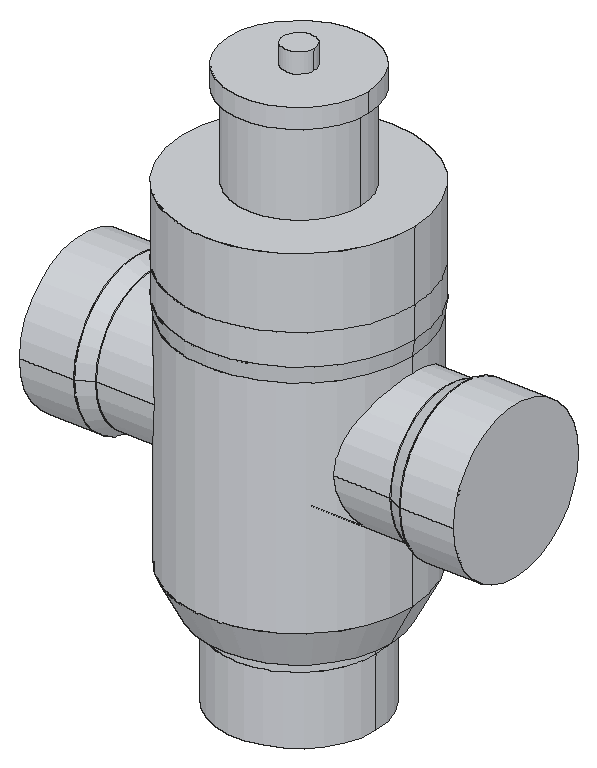
Revit family "VMX26P_DN20_PN16_RFA_2018", category Pipe Accessories, Revit 2018
Family settings
  Round Connector Dimension = Use Diameter
  Part Type = Valve - Breaks Into
  Work Plane-Based = No
  Always vertical = Yes
  Cut with Voids When Loaded = No
  Shared = No
Parameters (values of type "VMX26P G3/4  PN16 kvs6,0")
  magiProductId = ""
  magiProductFamilyId = ""
  magiPartTypeId = 320
  isMeasuringValve [instance] = no
  ang2D [instance] = 0.00°
  Z9 = 8.8 mm
  Z8 = 4 mm
  Z7__ve = -Z7  # -2.5 mm
  Z7 = 2.5 mm
  Z6 = 8.45 mm
  Z5 = 9.1 mm
  Z3 = 2 mm
  Z2 = 6.8 mm
  Z1 = 5.1 mm
  X4__ve = -X4  # -7 mm
  X4 = 7 mm
  X3 = 38 mm
  X1 = 5.6 mm
  W2D = 20 mm
  VersionID = ""
  Use Minimum Symbol Size [instance] = no
  URL = "www.hydronix.cz"
  Type Comments = "Závitový, vnější závit, ploché těsnění; LIN charakteristika; PN16; +5~+95°C; max.rychlost proudění 3,0 m/s"
  TL = 56 mm
  R9 = 9 mm
  R8 = 2 mm
  R7 = 15 mm
  R6 = 12 mm
  R5 = 11.29 mm
  R4 = 9.408 mm
  R3 = 10 mm
  R2 = 14.7 mm
  R10 = 8 mm
  R1 = 9 mm
  QmdConnectorList = "301;D;302;D;303;D"
  Productdata [instance] = ""
  Manufacturer = "Hydronix"
  MT = 1
  MC Product Code = "VMX26P (G3/4\";  dpmax A-AB=100kPa;  dpmax B-AB=40kPa;  kvs 6,0)"
  MC = yes
  LT2 = 21 mm
  L2D_Min = 30.48 mm
  L2D = 42 mm
  L = 42 mm
  H1 = 29 mm
  H = 26 mm
  E = 16 mm
  Description = "3 cestný regulační ventil malých spotřebičů, DN20; zdvih 2,5mm; max dp A-AB 100kPa; max dp B-AB 40kPa; kvs6,0"
  DT2 = 10 mm
  D = 20 mm
  CS = no
  CAT0 = yes
  CAT = no
  C = 34 mm
  Assembly Code = ""
Types (8, lengths in mm): name | Z9 | Z6 | Z5 | Z2 | Z1 | X3 | X1 | W2D | TL | R6 | R5 | R4 | R3 | R2 | R1 | MC Product Code | LT2 | L2D | L | H1 | H | Description | DT2 | D | C
  VMX09P G1/2  PN16 kvs0,25 | 7 | 8.775 | 9.45 | 5 | 3.75 | 34 | 5.2 | 15 | 52 | 9 | 10.214 | 8.512 | 7.5 | 13.3 | 6.75 | "VMX09P (G1/2\"; dpmax=250kPa; kvs 0,25)" | 19 | 38 | 38 | 23.8 | 27 | "3 cestný regulační ventil malých spotřebičů, DN15; zdvih 2,5mm; max dp 250kPa; kvs0,25" | 7.5 | 15 | 25
  VMX10P G1/2  PN16 kvs0,4 | 7 | 8.775 | 9.45 | 5 | 3.75 | 34 | 5.2 | 15 | 52 | 9 | 10.214 | 8.512 | 7.5 | 13.3 | 6.75 | "VMX10P (G1/2\"; dpmax=250kPa; kvs 0,4)" | 19 | 38 | 38 | 23.8 | 27 | "3 cestný regulační ventil malých spotřebičů, DN15; zdvih 2,5mm; max dp 250kPa; kvs0,4" | 7.5 | 15 | 25
  VMX11P G1/2  PN16 kvs0,6 | 7 | 8.775 | 9.45 | 5 | 3.75 | 34 | 5.2 | 15 | 52 | 9 | 10.214 | 8.512 | 7.5 | 13.3 | 6.75 | "VMX11P (G1/2\"; dpmax=250kPa; kvs 0,6)" | 19 | 38 | 38 | 23.8 | 27 | "3 cestný regulační ventil malých spotřebičů, DN15; zdvih 2,5mm; max dp 250kPa; kvs0,6" | 7.5 | 15 | 25
  VMX12P G1/2  PN16 kvs1,0 | 7 | 8.775 | 9.45 | 5 | 3.75 | 34 | 5.2 | 15 | 52 | 9 | 10.214 | 8.512 | 7.5 | 13.3 | 6.75 | "VMX12P (G1/2\"; dpmax=250kPa; kvs 1,0)" | 19 | 38 | 38 | 23.8 | 27 | "3 cestný regulační ventil malých spotřebičů, DN15; zdvih 2,5mm; max dp 250kPa; kvs1,0" | 7.5 | 15 | 25
  VMX13P G1/2  PN16 kvs1,6 | 7 | 8.775 | 9.45 | 5 | 3.75 | 34 | 5.2 | 15 | 52 | 9 | 10.214 | 8.512 | 7.5 | 13.3 | 6.75 | "VMX13P (G1/2\"; dpmax=250kPa; kvs 1,6)" | 19 | 38 | 38 | 23.8 | 27 | "3 cestný regulační ventil malých spotřebičů, DN15; zdvih 2,5mm; max dp 250kPa; kvs1,6" | 7.5 | 15 | 25
  VMX21P G3/4  PN16 kvs2,5 | 8.8 | 8.45 | 9.1 | 6.8 | 5.1 | 38 | 5.6 | 20 | 56 | 12 | 11.29 | 9.408 | 10 | 14.7 | 9 | "VMX21P (G3/4\"; dpmax=150kPa; kvs 2,5)" | 21 | 42 | 42 | 29 | 26 | "3 cestný regulační ventil malých spotřebičů, DN20; zdvih 2,5mm; max dp 150kPa; kvs2,5" | 10 | 20 | 34
  VMX24P G3/4  PN16 kvs4,0 | 8.8 | 8.45 | 9.1 | 6.8 | 5.1 | 38 | 5.6 | 20 | 56 | 12 | 11.29 | 9.408 | 10 | 14.7 | 9 | "VMX24P (G3/4\";  dpmax A-AB=100kPa;  dpmax B-AB=40kPa;  kvs 4,0)" | 21 | 42 | 42 | 29 | 26 | "3 cestný regulační ventil malých spotřebičů, DN20; zdvih 2,5mm; max dp A-AB 100kPa; max dp B-AB 40kPa; kvs4,0" | 10 | 20 | 34
  VMX26P G3/4  PN16 kvs6,0 | 8.8 | 8.45 | 9.1 | 6.8 | 5.1 | 38 | 5.6 | 20 | 56 | 12 | 11.29 | 9.408 | 10 | 14.7 | 9 | "VMX26P (G3/4\";  dpmax A-AB=100kPa;  dpmax B-AB=40kPa;  kvs 6,0)" | 21 | 42 | 42 | 29 | 26 | "3 cestný regulační ventil malých spotřebičů, DN20; zdvih 2,5mm; max dp A-AB 100kPa; max dp B-AB 40kPa; kvs6,0" | 10 | 20 | 34
Reference planes
  plane 1 "Center (Front/Back)": y = 0
  plane 2 "XYPLANE": z = 0
  plane 3 "Center (Left/Right)": x = 0
  plane 4 "271": z = 37
  plane 5 "254": z = 10.9
  plane 6 "253": z = 16.9
  plane 7 "148": z = 39.5
  plane 8 "132": z = 42
  plane 9 "62": z = 12.9
  plane 10 "53": z = 26
  plane 11 "52": z = -18.1
  plane 12 "48": z = -23.2
  plane 13 "47": z = -25.2
  plane 14 "38": z = -32
  plane 15 "37": x = 19
  plane 16 "36": x = 21
  plane 17 "23": z = -34
  plane 18 "19": x = -19
  plane 19 "15": x = -21
  plane 20 "6": x = 28
  plane 21 "5": x = -28
  plane 22 "3": z = 0
  plane 23 "2": y = 0
  plane 24 "1": x = 0
Forms (mm)
  Extrusion 1, solid
    sketch origin (-750, 0, -34) x (1, 0, 0) y (0, 1, 0)
      loop
        circle (750, 0) r 10
    from 0 to 8.8 <- "Z9"
  Extrusion 2, solid, visible <- "CAT0"
    sketch origin (-750, 0, 42) x (1, 0, 0) y (0, 1, 0)
      loop
        circle (750, 0) r 2
    from 0 to -2.5 <- "Z7__ve"
  Extrusion 3, solid, visible <- "CAT0"
    sketch origin (-750, 0, 37) x (1, 0, 0) y (0, 1, 0)
      loop
        circle (750, 0) r 8
    from 0 to -19
  Extrusion 4, solid, visible <- "CAT0"
    sketch origin (-19, -750, 0) x (0, 1, 0) y (0, 0, 1)
      loop
        circle (750, 0) r 9
    from 0 to 38 <- "X3"
  Extrusion 5, solid
    sketch origin (-750, 0, 12.9) x (1, 0, 0) y (0, 1, 0)
      loop
        circle (750, 0) r 15
    from 0 to 4 <- "Z8"
  Extrusion 6, solid
    sketch origin (-750, 0, 39.5) x (1, 0, 0) y (0, 1, 0)
      loop
        circle (750, 0) r 9
    from 0 to -2.5 <- "Z7__ve"
  Extrusion 7, solid
    sketch origin (-750, 0, 16.9) x (1, 0, 0) y (0, 1, 0)
      loop
        circle (750, 0) r 15
    from 0 to 9.1 <- "Z5"
  Blend 8, solid
    base sketch origin (-750, 0, 10.9) x (1, 0, 0) y (0, 1, 0)
      loop
        circle (750, 0) r 14.7
    top sketch origin (-750, 0, 10.9) x (1, 0, 0) y (0, 1, 0)
      loop
        circle (750, 0) r 15
    from 0 to 2
  Blend 9, solid
    base sketch origin (-750, 0, -18.1) x (1, 0, 0) y (0, 1, 0)
      loop
        circle (750, 0) r 14.7
    top sketch origin (-750, 0, -18.1) x (1, 0, 0) y (0, 1, 0)
      loop
        circle (750, 0) r 12
    from 0 to -5.1
  Extrusion 10, solid
    sketch origin (-750, 0, -25.2) x (1, 0, 0) y (0, 1, 0)
      loop
        circle (750, 0) r 10
    from 0 to 2 <- "Z3"
  Extrusion 11, solid
    sketch origin (28, -750, 0) x (0, 1, 0) y (0, 0, 1)
      loop
        circle (750, 0) r 10
    from 0 to -7 <- "X4__ve"
  Blend 12, solid
    base sketch origin (21, -750, 0) x (0, 1, 0) y (0, 0, 1)
      loop
        circle (750, 0) r 10
    top sketch origin (21, -750, 0) x (0, 1, 0) y (0, 0, 1)
      loop
        circle (750, 0) r 9
    from 0 to -2
  Extrusion 13, solid
    sketch origin (-750, 0, -18.1) x (1, 0, 0) y (0, 1, 0)
      loop
        circle (750, 0) r 14.7
    from 0 to 29 <- "H1"
  Blend 14, solid
    base sketch origin (-21, -750, 0) x (0, 1, 0) y (0, 0, 1)
      loop
        circle (750, 0) r 10
    top sketch origin (-21, -750, 0) x (0, 1, 0) y (0, 0, 1)
      loop
        circle (750, 0) r 9
    from 0 to 2
  Extrusion 15, solid
    sketch origin (-28, -750, 0) x (0, 1, 0) y (0, 0, 1)
      loop
        circle (750, 0) r 10
    from 0 to 7 <- "X4"
  Extrusion 16, solid, not visible
    sketch origin (-750, 0, -25.2) x (1, 0, 0) y (0, 1, 0)
      loop
        circle (750, 0) r 10
    from 0 to 10
  Extrusion 17, solid, not visible
    sketch origin (21, -750, 0) x (0, 1, 0) y (0, 0, 1)
      loop
        circle (750, 0) r 10
    from 0 to -10
  Extrusion 18, solid, not visible
    sketch origin (-21, -750, 0) x (0, 1, 0) y (0, 0, 1)
      loop
        circle (750, 0) r 10
    from 0 to 10
Lines and regions (mm)
  reference lines, not visible
    curve 1: circle (2, 2, 0) r 1 normal (0, 0, 1)
Dimensions and locks
  plane 1 "Center (Front/Back)" to curve 1 = 2 mm
  "Z7": plane 7 "148" to plane 4 "271"
  "Z3": plane 9 "62" to plane 5 "254"
  "Z5": plane 10 "53" to plane 6 "253"
  "Z7": plane 8 "132" to plane 7 "148"
  "E": plane 10 "53" to plane 8 "132"
  "Z8": plane 6 "253" to plane 9 "62"
  "H": plane 2 "XYPLANE" to plane 10 "53"
  "Z1": plane 12 "48" to plane 11 "52"
  "Z3": plane 13 "47" to plane 12 "48"
  "Z2": plane 14 "38" to plane 13 "47"
  "Z3": plane 17 "23" to plane 14 "38"
  locked: plane 16 "36" to plane 15 "37" at 2
  "LT2": plane 3 "Center (Left/Right)" to plane 16 "36"
  "C": plane 2 "XYPLANE" to plane 17 "23"
  locked: plane 19 "15" to plane 18 "19" at 2
  "LT2": plane 3 "Center (Left/Right)" to plane 19 "15"
  "X4": plane 16 "36" to plane 20 "6"
  "X4": plane 19 "15" to plane 21 "5"
  locked: plane 2 "XYPLANE" to plane 22 "3"
  locked: plane 1 "Center (Front/Back)" to plane 23 "2"
  locked: plane 3 "Center (Left/Right)" to plane 24 "1"
  "DT2": radius of Extrusion 1 sketch curve
  "R8": radius of Extrusion 2 sketch curve
  "R10": radius of Extrusion 3 sketch curve
  "R1": radius of Extrusion 4 sketch curve
  "R7": radius of Extrusion 5 sketch curve
  "R9": radius of Extrusion 6 sketch curve
  "R7": radius of Extrusion 7 sketch curve
  "R7": radius of Blend 8 sketch curve
  "R2": radius of Blend 8 sketch curve
  "R6": radius of Blend 9 sketch curve
  "R2": radius of Blend 9 sketch curve
  "DT2": radius of Extrusion 10 sketch curve
  "DT2": radius of Extrusion 11 sketch curve
  "R1": radius of Blend 12 sketch curve
  "DT2": radius of Blend 12 sketch curve
  "R2": radius of Extrusion 13 sketch curve
  "R1": radius of Blend 14 sketch curve
  "DT2": radius of Blend 14 sketch curve
  "DT2": radius of Extrusion 15 sketch curve
  aligned and locked: level to plane 2 "XYPLANE"
  aligned and locked: plane 23 "2" to Extrusion 1 sketch curve
  aligned and locked: plane 24 "1" to Extrusion 1 sketch curve
  aligned and locked: plane 23 "2" to Extrusion 2 sketch curve
  aligned and locked: plane 24 "1" to Extrusion 2 sketch curve
  aligned and locked: plane 23 "2" to Extrusion 3 sketch curve
  aligned and locked: plane 24 "1" to Extrusion 3 sketch curve
  aligned and locked: plane 22 "3" to Extrusion 4 sketch curve
  aligned and locked: Extrusion 4 sketch curve to plane 23 "2"
  aligned and locked: plane 23 "2" to Extrusion 5 sketch curve
  aligned and locked: plane 24 "1" to Extrusion 5 sketch curve
  aligned and locked: plane 23 "2" to Extrusion 6 sketch curve
  aligned and locked: plane 24 "1" to Extrusion 6 sketch curve
  aligned and locked: plane 23 "2" to Extrusion 7 sketch curve
  aligned and locked: plane 24 "1" to Extrusion 7 sketch curve
  aligned and locked: plane 23 "2" to Blend 8 sketch curve  (x2)
  aligned and locked: plane 24 "1" to Blend 8 sketch curve  (x2)
  aligned and locked: plane 9 "62" to Blend 8
  aligned and locked: plane 23 "2" to Blend 9 sketch curve  (x2)
  aligned and locked: plane 24 "1" to Blend 9 sketch curve  (x2)
  aligned and locked: Blend 9 to plane 12 "48"
  aligned and locked: plane 23 "2" to Extrusion 10 sketch curve
  aligned and locked: plane 24 "1" to Extrusion 10 sketch curve
  aligned and locked: plane 22 "3" to Extrusion 11 sketch curve
  aligned and locked: Extrusion 11 sketch curve to plane 23 "2"
  aligned and locked: plane 22 "3" to Blend 12 sketch curve  (x2)
  aligned and locked: Blend 12 sketch curve to plane 23 "2"  (x2)
  aligned and locked: Blend 12 to plane 15 "37"
  aligned and locked: plane 23 "2" to Extrusion 13 sketch curve
  aligned and locked: plane 24 "1" to Extrusion 13 sketch curve
  aligned and locked: plane 22 "3" to Blend 14 sketch curve  (x2)
  aligned and locked: Blend 14 sketch curve to plane 23 "2"  (x2)
  aligned and locked: plane 18 "19" to Blend 14
  aligned and locked: plane 22 "3" to Extrusion 15 sketch curve
  aligned and locked: Extrusion 15 sketch curve to plane 23 "2"
  aligned and locked: plane 23 "2" to Extrusion 16 sketch curve
  aligned and locked: plane 24 "1" to Extrusion 16 sketch curve
  aligned and locked: plane 22 "3" to Extrusion 17 sketch curve
  aligned and locked: Extrusion 17 sketch curve to plane 23 "2"
  aligned and locked: plane 22 "3" to Extrusion 18 sketch curve
  aligned and locked: Extrusion 18 sketch curve to plane 23 "2"
Automatic sketch dimensions
  plane 1 "Center (Front/Back)" to Extrusion 16 sketch curve = 10 mm
  plane 1 "Center (Front/Back)" to Extrusion 17 sketch curve = 10 mm
  plane 1 "Center (Front/Back)" to Extrusion 18 sketch curve = 10 mm
  plane 3 "Center (Left/Right)" to curve 1 = 2 mm
  radius of curve 1 = 1 mm
Connectors
  piping at (-21, 0, 0), diameter 20, driven by "D"
    settings: on Extrusion 18, index 1, connector inside diameter 609.6 mm, connector length 0 mm, flow factor 0, pipe flow 0.0 L/s, pressure drop 0.0 Pa, fitting loss kfactor 0, connector angle 0.00°, fixture units 0, engagement length 0 mm, angle of deflection 0.00°, flow configuration 0, flow direction 0, fitting loss method 0, system type 29, joint type 0, gender type 0, connector reference index -1, connector utility 0, adjustable connector yes, is connector primary yes, connector description ""
  piping at (21, 0, 0), diameter 20, driven by "D"
    settings: on Extrusion 17, index 2, connector inside diameter 609.6 mm, connector length 0 mm, flow factor 0, pipe flow 0.0 L/s, pressure drop 0.0 Pa, fitting loss kfactor 0, connector angle 0.00°, fixture units 0, engagement length 0 mm, angle of deflection 0.00°, flow configuration 0, flow direction 0, fitting loss method 0, system type 29, joint type 0, gender type 0, connector reference index -1, connector utility 0, adjustable connector yes, is connector primary no, connector description ""
  piping at (0, 0, -25.2), diameter 20, driven by "D"
    settings: on Extrusion 16, index 3, connector inside diameter 609.6 mm, connector length 0 mm, flow factor 0, pipe flow 0.0 L/s, pressure drop 0.0 Pa, fitting loss kfactor 0, connector angle 0.00°, fixture units 0, engagement length 0 mm, angle of deflection 0.00°, flow configuration 0, flow direction 0, fitting loss method 0, system type 29, joint type 0, gender type 0, connector reference index -1, connector utility 0, adjustable connector yes, is connector primary no, connector description ""
